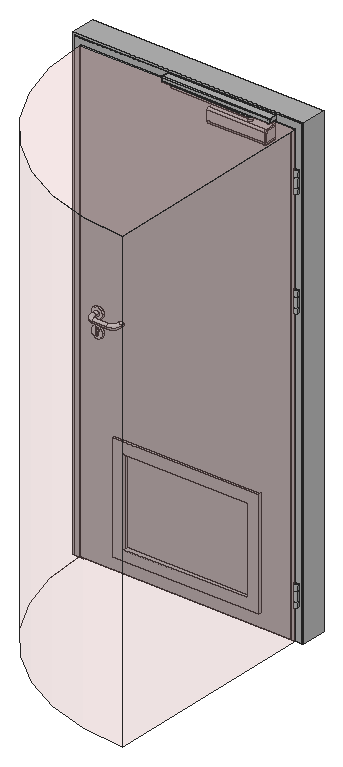
Revit family "ASSA ABLOY - ALPE Ss 60-1, signle-leaf, louver, block frame", category Doors, host Wall, Revit 2021 (continued)
Definition of nested family "N2000 One System panic device (EN1125), type A (crossbar)_ASSA ABLOY"
  Dimensions and locks
    aligned and locked: Sweep 5 sketch curve to plane 7
    aligned and locked: plane 22 to Sweep 5 sketch curve
    aligned and locked: plane 9 to Sweep 5 sketch curve
    aligned and locked: plane 24 to Sweep 6 sketch curve
    aligned and locked: SweptBlend 7 sketch curve to plane 5
    aligned and locked: plane 1 "Center (Front/Back)" to SweptBlend 7 sketch curve
    aligned and locked: plane 7 to SweptBlend 7 sketch curve
    aligned and locked: SweptBlend 8 sketch curve to plane 8
    aligned and locked: plane 24 to Sweep 9 sketch curve
    aligned and locked: plane 25 to Sweep 9 sketch curve
  Automatic sketch dimensions
    Sweep 1 sketch curve to level = 0.000 mm
    profile plane to Sweep 1 sketch curve = 0.000 mm
    plane 17 to Sweep 2 sketch curve = 0.000 mm
    plane 1 "Center (Front/Back)" to Sweep 2 sketch curve = 0.000 mm
    Sweep 2 sketch curve to level = 0.000 mm
    profile plane to Sweep 2 sketch curve = 0.000 mm
    Sweep 4 sketch curve to plane 21 = 4.500 mm
    Sweep 6 sketch curve to plane 10 = 0.000 mm
    plane 1 "Center (Front/Back)" to Sweep 6 sketch curve = 4.000 mm
    profile plane to SweptBlend 7 sketch curve = 0.000 mm  (x2)
    SweptBlend 7 sketch curve to SweptBlend 7 sketch curve = 17.000 mm
    SweptBlend 7 sketch curve to level = 25.500 mm
    level to SweptBlend 7 sketch curve = 25.500 mm
    SweptBlend 7 sketch curve to SweptBlend 7 sketch curve = 11.000 mm
    SweptBlend 7 sketch curve to level = 20.000 mm
    level to SweptBlend 7 sketch curve = 20.000 mm
    plane 7 to SweptBlend 8 sketch curve = 0.000 mm
    plane 1 "Center (Front/Back)" to SweptBlend 8 sketch curve = 0.000 mm
    profile plane to SweptBlend 8 sketch curve = 0.000 mm  (x2)
    SweptBlend 8 sketch curve to SweptBlend 8 sketch curve = 17.000 mm
    SweptBlend 8 sketch curve to level = 25.500 mm
    level to SweptBlend 8 sketch curve = 25.500 mm
    SweptBlend 8 sketch curve to SweptBlend 8 sketch curve = 11.000 mm
    SweptBlend 8 sketch curve to level = 20.000 mm
    level to SweptBlend 8 sketch curve = 20.000 mm
    Sweep 3 sketch curve to profile plane = 22.586 mm
    Sweep 3 sketch curve to Sweep 3 sketch curve = 9.328 mm  (x4)
    level to Sweep 3 sketch curve = 1.979 mm
    Sweep 3 sketch curve to profile plane = 77.672 mm
    Sweep 3 sketch curve to Sweep 3 sketch curve = 5.829 mm
    Sweep 3 sketch curve to Sweep 3 sketch curve = 11.659 mm
    Sweep 3 sketch curve to level = 86.171 mm
    profile plane to Sweep 4 sketch curve = 0.284 mm
    Sweep 4 sketch curve to profile plane = 6.500 mm
    Sweep 4 sketch curve to profile plane = 7.135 mm
    Sweep 4 sketch curve to Sweep 4 sketch curve = 6.784 mm  (x3)
    Sweep 4 sketch curve to level = 92.000 mm
    Sweep 4 sketch curve to Sweep 4 sketch curve = 4.240 mm  (x2)
    Sweep 4 sketch curve to Sweep 4 sketch curve = 11.872 mm
    plane 1 "Center (Front/Back)" to Sweep 9 sketch curve = 0.000 mm
    Sweep 9 sketch curve to level = 9.680 mm
    Sweep 9 sketch curve to profile plane = 22.586 mm
    Sweep 9 sketch curve to level = 3.850 mm
    Sweep 9 sketch curve to Sweep 9 sketch curve = 9.328 mm  (x3)
    level to Sweep 9 sketch curve = 1.979 mm
    Sweep 9 sketch curve to profile plane = 77.672 mm
    Sweep 9 sketch curve to level = 86.171 mm
    Sweep 9 sketch curve to Sweep 9 sketch curve = 5.829 mm
    Sweep 5 sketch curve to Sweep 5 sketch curve = 0.000 mm
    Sweep 5 sketch curve to level = 3.850 mm
    profile plane to Sweep 5 sketch curve = 12.086 mm
    Sweep 5 sketch curve to Sweep 5 sketch curve = 5.936 mm
    Sweep 5 sketch curve to level = 0.141 mm
    profile plane to Sweep 5 sketch curve = 6.149 mm
    Sweep 6 sketch curve to level = 3.850 mm
    Sweep 6 sketch curve to level = 0.141 mm
    Sweep 6 sketch curve to Sweep 6 sketch curve = 5.936 mm  (x2)
    Sweep 6 sketch curve to Sweep 6 sketch curve = 0.000 mm
    profile plane to Sweep 6 sketch curve = 27.914 mm
    radius of Sweep 1 sketch curve = 27.500 mm
    radius of Sweep 2 sketch curve = 27.500 mm
Definition of nested family "Detail_Door symbol"
  Parameters (values of type "Detail_Door symbol")
    Symbol Radius = Door Leaf Width + 9.500 mm  # 1010.200 mm
    Rough Width = 1077.500 mm
    Panic device Visibility = yes
    Panic device Length = 773.000 mm
    Handle Visibility = yes
    Door Leaf Width = 1000.700 mm
  Reference planes
    plane 1 "Center (Front/Back)": y = 0
    plane 2: z = 0
    plane 3 "Center (Left/Right)": x = 0
    plane 4: x = -538.75
    plane 5: x = 538.75
    plane 6: y = -8
    plane 7: x = 549.75
    plane 8: x = 542.75
    plane 9: x = 545.15
    plane 10: x = 482.15
    plane 11: y = -17.5
    plane 12: y = -36.5
    plane 13: y = -1018.2
    plane 14: y = -999.2
    plane 15: y = -934.2
    plane 16: y = -101.2
    plane 17: y = -73.7
    plane 18: y = -961.7
    plane 19: y = -904.2
    plane 20: y = -131.2
    plane 21: y = -128.7
    plane 22: y = -980.7
  Lines and regions (mm)
    Filled region 1, type "Solid Fill - White", in view "Ref. Level", detail levels fine
      outline origin (-28.5, 43.059, 0) x (0, 1, 0) y (-1, 0, 0)
        loop
          line (-60.559, -573.65) -> (-60.559, -571.25) -> (-79.559, -571.25) -> (-79.559, -510.65) -> (-1042.259, -510.65) -> (-1042.259, -571.25) -> (-1061.259, -571.25) -> (-1061.259, -573.65) -> (-60.559, -573.65)
    Filled region 2, type "Solid Fill - White", in view "Ref. Level", detail levels medium
      outline origin (-28.5, 43.059, 0) x (0, 1, 0) y (-1, 0, 0)
        loop
          line (-60.559, -573.65) -> (-60.559, -510.65) -> (-1061.259, -510.65) -> (-1061.259, -573.65) -> (-60.559, -573.65)
    detail lines, in view "Ref. Level"
      curve 1: arc (549.75, -1018.2, 0) -> (-164.569, -722.319, 0) -> (-460.45, -8, 0) r 1010.2
    detail lines, in view "Ref. Level", detail levels coarse
      curve 2: line (549.75, -1018.2, 0) -> (549.75, -8, 0)
    detail lines, in view "Ref. Level", detail levels fine
      curve 3: line (592.65, -843.2, 0) -> (592.65, -904.2, 0)
      curve 4: line (572.65, -803.2, 0) -> (562.15, -803.2, 0)
      curve 5: line (562.15, -803.2, 0) -> (562.15, -823.2, 0)
      curve 6: line (562.15, -823.2, 0) -> (572.65, -823.2, 0)
      curve 7: line (572.65, -924.2, 0) -> (553.15, -924.2, 0)
      curve 8: line (553.15, -924.2, 0) -> (553.15, -907.7, 0)
      curve 9: line (553.15, -907.7, 0) -> (545.15, -907.7, 0)
      curve 10: line (612.65, -904.2, 0) -> (612.65, -843.2, 0)
      curve 11: line (572.65, -944.2, 0) -> (553.15, -944.2, 0)
      curve 12: arc (572.65, -944.2, 0) -> (600.934, -932.484, 0) -> (612.65, -904.2, 0) r 40
      curve 13: arc (612.65, -843.2, 0) -> (600.934, -814.916, 0) -> (572.65, -803.2, 0) r 40
      curve 14: arc (572.65, -924.2, 0) -> (586.792, -918.342, 0) -> (592.65, -904.2, 0) r 20
      curve 15: arc (592.65, -843.2, 0) -> (586.792, -829.058, 0) -> (572.65, -823.2, 0) r 20
      curve 16: line (553.15, -944.2, 0) -> (553.15, -960.7, 0)
      curve 17: line (553.15, -960.7, 0) -> (545.15, -960.7, 0)
    detail lines, in view "Ref. Level", visible <- "Panic device Visibility", detail levels fine
      curve 18: line (482.15, -961.7, 2052) -> (468.15, -961.7, 2052)
      curve 19: line (468.15, -961.7, 2052) -> (468.15, -949.291, 2052)
      curve 20: line (468.15, -949.291, 2052) -> (438.15, -945.2, 2052)
      curve 21: line (438.15, -945.2, 2052) -> (438.15, -923.2, 2052)
      curve 22: line (438.15, -923.2, 2052) -> (446.981, -921.996, 2052)
      curve 23: line (468.15, -919.109, 2052) -> (468.15, -906.7, 2052)
      curve 24: line (468.15, -906.7, 2052) -> (482.15, -906.7, 2052)
      curve 25: line (446.981, -904.2, 2052) -> (384.15, -904.2, 2052)
      curve 26: line (384.15, -904.2, 2052) -> (384.15, -884.2, 2052)
      curve 27: line (384.15, -884.2, 2052) -> (387.15, -884.2, 2052)
      curve 28: line (387.15, -884.2, 2052) -> (387.15, -151.2, 2052)
      curve 29: line (387.15, -151.2, 2052) -> (384.15, -151.2, 2052)
      curve 30: line (384.15, -151.2, 2052) -> (384.15, -131.2, 2052)
      curve 31: line (384.15, -131.2, 2052) -> (447.303, -131.2, 2052)
      curve 32: line (447.303, -131.2, 2052) -> (447.303, -113.429, 2052)
      curve 33: line (447.303, -113.429, 2052) -> (438.226, -112.191, 2052)
      curve 34: line (438.226, -112.191, 2052) -> (438.226, -90.209, 2052)
      curve 35: line (438.226, -90.209, 2052) -> (467.951, -86.412, 2052)
      curve 36: line (467.951, -86.412, 2052) -> (467.951, -73.7, 2052)
      curve 37: line (467.951, -73.7, 2052) -> (482.15, -73.7, 2052)
      curve 38: line (482.15, -128.7, 2052) -> (468.15, -128.7, 2052)
      curve 39: line (468.15, -128.7, 2052) -> (468.15, -116.241, 2052)
      curve 40: line (468.15, -116.241, 2052) -> (461.299, -115.306, 2052)
      curve 41: line (461.299, -115.306, 2052) -> (461.299, -131.2, 2052)
      curve 42: line (461.299, -131.2, 2052) -> (465.988, -131.2, 2052)
      curve 43: line (465.988, -131.2, 2052) -> (465.988, -151.2, 2052)
      curve 44: line (465.988, -151.2, 2052) -> (415.055, -151.2, 2052)
      curve 45: line (415.055, -151.2, 2052) -> (415.055, -884.2, 2052)
      curve 46: line (415.055, -884.2, 2052) -> (465.988, -884.2, 2052)
      curve 47: line (465.988, -884.2, 2052) -> (465.988, -904.2, 2052)
      curve 48: line (465.988, -904.2, 2052) -> (461.303, -904.2, 2052)
      curve 49: line (461.303, -904.2, 2052) -> (461.303, -920.043, 2052)
      curve 50: line (446.981, -904.2, 2052) -> (446.981, -921.996, 2052)
      curve 51: line (461.303, -920.043, 2052) -> (468.15, -919.109, 2052)
    detail lines, in view "Ref. Level", not visible, detail levels fine
      curve 52: line (817.573, -843.2, 0) -> (817.573, -904.2, 0)
      curve 53: line (837.573, -803.2, 0) -> (848.073, -803.2, 0)
      curve 54: line (848.073, -803.2, 0) -> (848.073, -823.2, 0)
      curve 55: line (848.073, -823.2, 0) -> (837.573, -823.2, 0)
      curve 56: line (837.573, -924.2, 0) -> (857.073, -924.2, 0)
      curve 57: line (857.073, -924.2, 0) -> (857.073, -907.7, 0)
      curve 58: line (857.073, -907.7, 0) -> (865.073, -907.7, 0)
      curve 59: line (797.573, -904.2, 0) -> (797.573, -843.2, 0)
      curve 60: line (837.573, -944.2, 0) -> (857.073, -944.2, 0)
      curve 61: arc (837.573, -944.2, 0) -> (809.289, -932.484, 0) -> (797.573, -904.2, 0) r 40
      curve 62: arc (797.573, -843.2, 0) -> (809.289, -814.916, 0) -> (837.573, -803.2, 0) r 40
      curve 63: arc (837.573, -924.2, 0) -> (823.431, -918.342, 0) -> (817.573, -904.2, 0) r 20
      curve 64: arc (817.573, -843.2, 0) -> (823.431, -829.058, 0) -> (837.573, -823.2, 0) r 20
      curve 65: line (857.073, -944.2, 0) -> (857.073, -960.7, 0)
      curve 66: line (857.073, -960.7, 0) -> (865.073, -960.7, 0)
    detail lines, in view "Ref. Level", visible <- "Handle Visibility", detail levels fine
      curve 67: line (434.65, -843.2, 0) -> (434.65, -904.2, 0)
      curve 68: line (454.65, -803.2, 0) -> (465.15, -803.2, 0)
      curve 69: line (465.15, -803.2, 0) -> (465.15, -823.2, 0)
      curve 70: line (465.15, -823.2, 0) -> (454.65, -823.2, 0)
      curve 71: line (454.65, -924.2, 0) -> (474.15, -924.2, 0)
      curve 72: line (474.15, -924.2, 0) -> (474.15, -907.7, 0)
      curve 73: line (474.15, -907.7, 0) -> (482.15, -907.7, 0)
      curve 74: line (414.65, -904.2, 0) -> (414.65, -843.2, 0)
      curve 75: line (454.65, -944.2, 0) -> (474.15, -944.2, 0)
      curve 76: arc (454.65, -944.2, 0) -> (426.366, -932.484, 0) -> (414.65, -904.2, 0) r 40
      curve 77: arc (414.65, -843.2, 0) -> (426.366, -814.916, 0) -> (454.65, -803.2, 0) r 40
      curve 78: arc (454.65, -924.2, 0) -> (440.508, -918.342, 0) -> (434.65, -904.2, 0) r 20
      curve 79: arc (434.65, -843.2, 0) -> (440.508, -829.058, 0) -> (454.65, -823.2, 0) r 20
      curve 80: line (474.15, -944.2, 0) -> (474.15, -960.7, 0)
      curve 81: line (474.15, -960.7, 0) -> (482.15, -960.7, 0)
  Dimensions and locks
    equal spacing: plane 4, plane 3 "Center (Left/Right)", plane 5
    "Rough Width": plane 4 to plane 5
    locked: plane 5 to plane 7 at 11
    locked: plane 6 to plane 1 "Center (Front/Back)" at 8
    locked: plane 5 to plane 8 at 4
    locked: plane 5 to plane 9 at 6.4
    locked: plane 10 to plane 9 at 63
    locked: plane 11 to plane 1 "Center (Front/Back)" at 17.5
    locked: plane 11 to plane 12 at 19
    "Door Leaf Width": plane 11 to plane 13
    locked: plane 14 to plane 13 at 19
    locked: plane 15 to plane 13 at 84
    curve 9 to curve 7 to plane 15 to curve 11 to curve 17 = 16.500 mm locked, 10.000 mm locked, 10.000 mm locked, 16.500 mm locked
    "Panic device Length": plane 20 to plane 19
    locked: plane 19 to plane 15 at 30
    locked: plane 20 to plane 17 at 57.5
    equal spacing: plane 21, plane 16, plane 17, locked at 27.5 each
    locked: plane 20 to plane 21 at 2.5
    locked: curve 44 to plane 20 at 20
    equal spacing: plane 18, plane 15, curve 24, locked at 27.5 each
    locked: plane 18 to plane 19 at 57.5
    curve 73 to curve 71 to plane 15 to curve 75 to curve 81 = 16.500 mm locked, 10.000 mm locked, 10.000 mm locked, 16.500 mm locked
    "Symbol Radius": radius of curve 1
    aligned and locked: plane 7 to curve 1
    aligned and locked: Filled region 1 sketch curve to plane 9
    aligned and locked: plane 11 to Filled region 1 sketch curve
    aligned and locked: plane 8 to Filled region 1 sketch curve  (x2)
    aligned and locked: plane 12 to Filled region 1 sketch curve
    aligned and locked: Filled region 1 sketch curve to plane 10
    aligned and locked: Filled region 1 sketch curve to plane 13
    aligned and locked: Filled region 1 sketch curve to plane 14
    aligned and locked: plane 11 to Filled region 2 sketch curve
    aligned and locked: Filled region 2 sketch curve to plane 9
    aligned and locked: Filled region 2 sketch curve to plane 10
    aligned and locked: Filled region 2 sketch curve to plane 13
    aligned and locked: plane 6 to curve 2
    aligned and locked: curve 2 to plane 7
    aligned and locked: plane 6 to curve 1
    aligned and locked: Filled region 1 to curve 18
    aligned and locked: curve 26 to curve 30
    aligned and locked: curve 44 to curve 29
    aligned and locked: curve 48 to curve 25
    aligned and locked: curve 27 to curve 46
    aligned and locked: plane 17 to curve 37
    aligned and locked: curve 38 to plane 21
    aligned and locked: plane 20 to curve 42
  Automatic sketch dimensions
    curve 18 to plane 10 = 0.000 mm
    curve 24 to plane 10 = 0.000 mm
    curve 38 to plane 10 = 0.000 mm
    curve 37 to plane 10 = 0.000 mm
    plane 18 to curve 19 = 0.000 mm
    plane 19 to curve 48 = 0.000 mm
    plane 20 to curve 32 = 0.000 mm
    curve 20 to plane 10 = 14.000 mm
    curve 40 to plane 10 = 14.000 mm
    curve 23 to plane 10 = 14.000 mm
    curve 36 to plane 10 = 14.199 mm
    curve 38 to curve 42 = 2.162 mm
    curve 23 to curve 48 = 2.162 mm
    curve 47 to curve 48 = 4.686 mm
    curve 42 to curve 42 = 4.690 mm
    curve 41 to curve 32 = 13.996 mm
    plane 15 to curve 22 = 12.204 mm
    curve 49 to curve 22 = 14.322 mm
    curve 33 to plane 16 = 10.991 mm
    curve 32 to curve 33 = 9.077 mm
    plane 15 to curve 22 = 11.000 mm
    curve 22 to curve 22 = 8.831 mm
    curve 31 to curve 44 = 32.248 mm
    curve 45 to curve 27 = 27.905 mm
    curve 28 to curve 30 = 3.000 mm
    curve 36 to curve 36 = 12.712 mm
    plane 16 to curve 35 = 10.991 mm
    curve 33 to curve 33 = 1.238 mm
    plane 21 to curve 40 = 13.394 mm
    curve 40 to curve 40 = 0.934 mm
    curve 46 to curve 47 = 20.000 mm
    curve 23 to curve 51 = 12.409 mm
    curve 23 to curve 49 = 0.934 mm
    curve 21 to plane 15 = 11.000 mm
    curve 20 to plane 18 = 12.409 mm
    curve 12 to curve 14 = 0.000 mm  (x2)
    curve 13 to curve 15 = 0.000 mm  (x2)
    curve 76 to curve 78 = 0.000 mm  (x2)
    curve 77 to curve 79 = 0.000 mm  (x2)
    plane 19 to curve 74 = 0.000 mm
    curve 73 to plane 10 = 0.000 mm
    curve 81 to plane 10 = 0.000 mm
    curve 17 to plane 9 = 0.000 mm
    curve 9 to plane 9 = 0.000 mm
    plane 19 to curve 12 = 0.000 mm
    curve 74 to plane 10 = 67.500 mm
    curve 67 to curve 79 = 20.000 mm
    curve 68 to curve 69 = 10.500 mm
    curve 80 to plane 10 = 8.000 mm
    curve 72 to plane 10 = 8.000 mm
    curve 17 to plane 7 = 3.400 mm
    curve 7 to plane 7 = 3.400 mm
    curve 4 to plane 7 = 12.400 mm
    curve 8 to curve 12 = 19.500 mm
    curve 13 to curve 3 = 20.000 mm
    curve 79 to plane 19 = 61.000 mm
    curve 10 to plane 19 = 61.000 mm
Types (7, lengths in mm): name | Panic device Visibility | Panic device Length | Symbol Radius | Rough Width Real | Rough Height Real | Louver Width | Hinges Visibility | Handle Visibility | Handle Height | Width Round | Rough Width | Rough Height | Height Round | Height | Width | Door Leaf Width
  800 x 2100 (803 x 2109) | no | 673.000 | 910.200 | 977.500 | 2181.000 | 480.700 | yes | yes | 1055.000 | 800.000 | 980.000 | 2190.000 | 2100.000 | 2100.000 | 800.000 | 900.700
  900 x 2100 (903 x 2109) | yes | 773.000 | 1010.200 | 1077.500 | 2181.000 | 580.700 | yes | no | 1055.000 | 900.000 | 1080.000 | 2190.000 | 2100.000 | 2100.000 | 900.000 | 1000.700
  1000 x 2100 (1003 x 2109) | yes | 873.000 | 1110.200 | 1177.500 | 2181.000 | 680.700 | yes | no | 1055.000 | 1000.000 | 1180.000 | 2190.000 | 2100.000 | 2100.000 | 1000.000 | 1100.700
  600 x 690 (603 x 699) | no | 473.000 | 710.200 | 777.500 | 771.000 | 280.700 | no | yes | 410.000 | 600.000 | 780.000 | 780.000 | 690.000 | 690.000 | 600.000 | 700.700
  1100 x 2100 (1103 x 2109) | yes | 973.000 | 1210.200 | 1277.500 | 2181.000 | 780.700 | yes | no | 1055.000 | 1100.000 | 1280.000 | 2190.000 | 2100.000 | 2100.000 | 1100.000 | 1200.700
  1200 x 2100 (1203 x 2109) | no | 1073.000 | 1310.200 | 1377.500 | 2181.000 | 800.000 | yes | yes | 1055.000 | 1200.000 | 1380.000 | 2190.000 | 2100.000 | 2100.000 | 1200.000 | 1300.700
  1230 x 2500 (1233 x 2509) | no | 1103.000 | 1340.200 | 1407.500 | 2581.000 | 800.000 | yes | yes | 1055.000 | 1230.000 | 1410.000 | 2590.000 | 2500.000 | 2500.000 | 1230.000 | 1330.700
